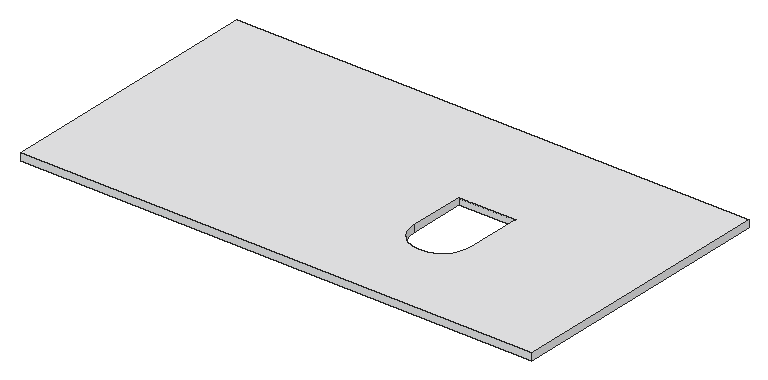
Revit family "Countertop-90cm-WithoutFaucetHole-Right-Vitra-OriginSeries-65716+65717+65718", category Furniture Systems, host Face, Revit 2017
Family settings
  Host = Face
  Round Connector Dimension = Use Diameter
  Part Type = Normal
  OmniClass Number = 23.40.00.00
  OmniClass Title = Equipment and Furnishings
  Cut with Voids When Loaded = No
  Shared = Yes
  Room Calculation Point = No
Parameters (values of type "Countertop-90cm-WithRightSyphonHole-Vitra-OriginSeries-65716")
  Youtube = "https://www.youtube.com/user/VitrAglobal"
  Weight Net (kg) = ""
  Warranty Period (Year) = "2"
  Uniformat II Description = "INTERIOR FINISHES"
  Uniformat II Code = "C30"
  Uniclass 2015 Name = "Counter tops"
  Uniclass 2015 Code = "Pr_40_30_30_18"
  Uniclass 2.0 Description = "Counter Tops"
  Uniclass 2.0 Code = "PR-35-12-18"
  Uniclass 1.4 Description = "Counters"
  Uniclass 1.4 Code = "L8571"
  URL = "https://vitraglobal.com/"
  UNSPSC Description = ""
  UNSPSC Code = ""
  Technical description = "https://www.vitraglobal.com/pdf/65716/"
  Tap hole Options (default) = ""
  Specification = ""
  Region South America = "All"
  Region Oceania = "All"
  Region North America = "All"
  Region Middle East = "All"
  Region Europe = "All"
  Region Asia = "All"
  Region Antarctica = "All"
  Region Africa = "All"
  Product url = "https://www.vitraglobal.com/bathroom-furniture/counters/standard-workbenches/origin-top-counter-sku-65716/"
  Product manual = ""
  Product group = "Counters - Standard Workbenches - Top Counter\r\n>"
  Product family = "Origin"
  Product data url = ""
  Product certification = "https://www.vitraglobal.com/brochures/"
  Product SKU = "65716"
  Product Guid = "https://www.vitraglobal.com/uyeIslem/fileDownload.aspx?udkEnc=PA6hiEruEQ0kohn7vnGdvY8B8/sLklgUaU5pWoVc0s2QwSfOEsYJDT1OSQa4TI+f5ygLjwPGDcvB9/sd/TycEA==&lang=en-US"
  Primary Material = White Glass
  OmniClass Description = "Casework Component Work Surfaces"
  OmniClass Code = "23-21 19 17"
  Nominal Width (mm) = 905 mm
  Nominal Height (mm) = 12 mm
  Nominal Depth (mm) = 480 mm
  NBS Referans Description = "Counter Tops"
  NBS Referans Code = "35-12-18"
  Mounting type = "Top Counter"
  Model = "65716"
  Masterformat 2014 Description = "Countertops"
  Masterformat 2014 Code = "12 36 00"
  Manufacturer name = "VitrA"
  Manufacturer = "VitrA"
  Main Material = "Glass"
  Installation instructions = "https://www.vitraglobal.com/uyeIslem/fileDownload.aspx?udkEnc=1BnvT8bnymVDFZp9albKt1vZR7zcsU9IAMLpxMLM1R/Pze85Vb1FflcRFBNWljmoEVMSozq7gsL/TAB4y7rqBw==&lang=en-US"
  IFC Classification = "Furnishing Element"
  EAN code = ""
  Design country = "Turkey"
  Description = "Origin Top counter - with Right syphon hole - without faucet hole 90cm - White"
  Default Elevation = 850 mm
  Color = "White"
  COBIe Type Category = ""
  Brand = "VitrA"
  BIMobject category = "Countertops"
  Article No. (default) = "65716"
  Accessories (default) = ""
Types (3, lengths in mm): name | Technical description | Product url | Product group | Product SKU | Product Guid | Primary Material | Model | Installation instructions | Description | Color | Article No. (default)
  Countertop-90cm-WithRightSyphonHole-Vitra-OriginSeries-65716 | "https://www.vitraglobal.com/pdf/65716/" | "https://www.vitraglobal.com/bathroom-furniture/counters/standard-workbenches/origin-top-counter-sku-65716/" | "Counters - Standard Workbenches - Top Counter\r\n>" | "65716" | "https://www.vitraglobal.com/uyeIslem/fileDownload.aspx?udkEnc=PA6hiEruEQ0kohn7vnGdvY8B8/sLklgUaU5pWoVc0s2QwSfOEsYJDT1OSQa4TI+f5ygLjwPGDcvB9/sd/TycEA==&lang=en-US" | White Glass | "65716" | "https://www.vitraglobal.com/uyeIslem/fileDownload.aspx?udkEnc=1BnvT8bnymVDFZp9albKt1vZR7zcsU9IAMLpxMLM1R/Pze85Vb1FflcRFBNWljmoEVMSozq7gsL/TAB4y7rqBw==&lang=en-US" | "Origin Top counter - with Right syphon hole - without faucet hole 90cm - White" | "White" | "65716"
  Countertop-90cm-WithRightSyphonHole-Vitra-OriginSeries-65717 | "https://www.vitraglobal.com/pdf/65717/" | "https://www.vitraglobal.com/bathroom-furniture/counters/standard-workbenches/origin-top-counter-sku-65717/" | "Counters - Standard Workbenches - Top Counter\r\n>" | "65717" | "https://www.vitraglobal.com/uyeIslem/fileDownload.aspx?udkEnc=6m738ZJZhA+ctF33ydfGUTCwmOTpZag0mjzu1y0arwAmZZjy7cdFvwknNzEyrE+6z2Bql1jdnk29RXhsSJaa3A==&lang=en-US" | Black Glass | "65717" | "https://www.vitraglobal.com/uyeIslem/fileDownload.aspx?udkEnc=/rSOi8ZI5q+OS7S1L5qBY6QSGI2t+h8hQuVZzzOQMdrdxxRqoLH9s4bJLKz5N2Ad2hcOONcvZg8ODC+r0Y7L7A==&lang=en-US" | "Origin Top counter - with Right syphon hole - without faucet hole 90cm - Black" | "Black" | "65717"
  Countertop-90cm-WithRightSyphonHole-Vitra-OriginSeries-65718 | "https://www.vitraglobal.com/pdf/65718/" | "https://www.vitraglobal.com/bathroom-furniture/counters/standard-workbenches/origin-top-counter-sku-65718/" | "Counters - Standard Workbenches - Top Counter" | "65718" | "https://www.vitraglobal.com/uyeIslem/fileDownload.aspx?udkEnc=e6g2wyXh/H1z8DD0bBcYhDPwiDsUrqxOaX9c/AZcDtJfat6C70G0VM37tFtwAS5RQhiCJ7g28oijJUxKNfTqPQ==&lang=en-US" | Neolith | "65718" | "https://www.vitraglobal.com/uyeIslem/fileDownload.aspx?udkEnc=L+xZw0BRuJgSgl61MKrZ77KyOzI/ix+e10STcu3os1KXX94RVWotNRWywXlXn5YEBRPX4apj/CngMJXlrEz3zQ==&lang=en-US" | "Origin Top counter - with right syphon hole - without faucet hole 90cm - Neolith" | "Neolith" | "65718"
Reference planes
  plane 1 "Center (Front/Back)": y = 0
  plane 2: z = 0
  plane 3 "Center (Left/Right)": x = -8.77
  plane 4: x = 443.73
  plane 5: x = -461.27
  plane 6: y = 240
  plane 7: y = -240
  plane 8: z = -838
  plane 9: z = 12
Forms (mm)
  Extrusion 1, solid, detail levels coarse
    sketch origin (0, 0, 0) x (1, 0, 0) y (0, 1, 0)
      loop
        line (443.73, 240) -> (-461.27, 240) -> (-461.27, -240) -> (443.73, -240) -> (443.73, 240)
    from 0 to 12
  Extrusion 2, solid, material "White Glass" <- "Primary Material", detail levels medium+fine
    sketch origin (-17.539, 0, 0) x (-1, 0, 0) y (0, -1, 0)
      loop
        line (443.73, -240) -> (443.73, 240) -> (-461.27, 240) -> (-461.27, -240) -> (443.73, -240)
      loop
        line (-208.77, -40) -> (-108.77, -40) -> (-108.77, 60)
        arc (-108.77, 60) -> (-158.77, 110) -> (-208.77, 60) r 50
        line (-208.77, 60) -> (-208.77, -40)
    from 0 to 12
Dimensions and locks
  "Nominal Width (mm)": plane 5 to plane 4
  "Nominal Depth (mm)": plane 6 to plane 7
  plane 9 to plane 8 = 850 mm
  "Nominal Height (mm)": plane 9 to host face
  aligned and locked: plane 2 to host face
  aligned and locked: level to host face
Automatic sketch dimensions
  host sketch curve to host sketch curve = 2438.4 mm  (x2)
  Extrusion 1 sketch curve to plane 5 = 0 mm
  Extrusion 1 sketch curve to plane 4 = 0 mm
  Extrusion 1 sketch curve to plane 7 = 0 mm
  Extrusion 1 sketch curve to plane 6 = 0 mm
  Extrusion 2 sketch curve to plane 4 = 0 mm
  Extrusion 2 sketch curve to plane 5 = 0 mm
  Extrusion 2 sketch curve to plane 6 = 0 mm
  Extrusion 2 sketch curve to plane 7 = 0 mm
  Extrusion 2 sketch curve to plane 1 "Center (Front/Back)" = 40 mm
  plane 3 "Center (Left/Right)" to Extrusion 2 sketch curve = 200 mm
  Extrusion 2 sketch curve to Extrusion 2 sketch curve = 50 mm
  plane 1 "Center (Front/Back)" to Extrusion 2 sketch curve = 60 mm
